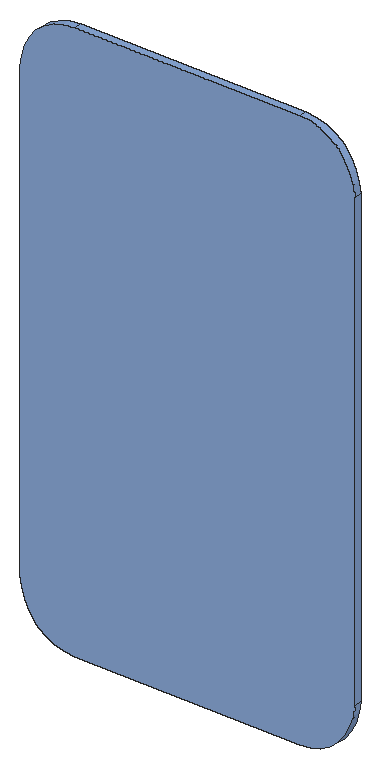
Revit family "Haworth_BuzziBracks_Pinboard_BUILD", category Furniture, Revit 2018
Family settings
  OmniClass Number = 23.40.20.00
  OmniClass Title = General Furniture and Specialties
  Work Plane-Based = No
  Always vertical = Yes
  Cut with Voids When Loaded = No
  Shared = No
  Room Calculation Point = No
Parameters (values of type "BRAP")
  Warranty = "http://www.haworth.com/resources/product-info/warranties"
  Upholstery Finish [instance] = Haworth _ Fabric _ Down 2 by Kvadrat _ 752 KV2-752
  URL - Product = "http://www.haworth.com/na/en/products/booths/buzzibracks.html"
  URL = "http://www.haworth.com/our-brands/haworth-collection"
  Top Radius = 3.500"  # constant formula
  Thickness = 1.750"  # constant formula
  Revision = "1"  # constant formula
  Note = "Verify Final Dim. w/ Haworth"  # constant formula
  Model = "HCBZ-BRAP"  # constant formula
  Manufacturer = "Haworth"  # constant formula
  Description = "Haworth - BuzziBracks - Pinboard"  # constant formula
  Author = "Haworth (Alias)"  # constant formula
  Assembly Code = "E2020200"
  Actual Width = 21.500"  # constant formula
  Actual Mounting Height = 40.157"  # constant formula
  Actual Height = 36.250"  # constant formula
  Actual Depth = 0.475"  # constant formula
Reference planes (in)
  plane 1: z = 0
  plane 2 "Center Left/Right": x = 0
  plane 3 "Left": x = -10.75
  plane 4 "Right": x = 10.75
  plane 5 "Back": y = -2.60002
  plane 6 "Front": y = -3.07502
  plane 7 "Center FB": y = -2.83752
  plane 8 "Bottom Pinboard": z = 40.157
  plane 9 "Frame Outside Back": y = 0.54998
  plane 10 "Top": z = 76.407
Forms (in)
  Extrusion 1, solid, material "Haworth _ Fabric _ Down 2 by Kvadrat _ 752 KV2-752" <- "Upholstery Finish"
    sketch origin (0, -2.60002, 0) x (-1, 0, 0) y (0, 0, 1)
      loop
        line (7.25, 76.407) -> (-7.25, 76.407)
        arc (-7.25, 76.407) -> (-9.72487, 75.38187) -> (-10.75, 72.907) r 3.5
        line (-10.75, 72.907) -> (-10.75, 43.657)
        arc (-10.75, 43.657) -> (-9.72487, 41.18213) -> (-7.25, 40.157) r 3.5
        line (-7.25, 40.157) -> (7.25, 40.157)
        arc (7.25, 40.157) -> (9.72487, 41.18213) -> (10.75, 43.657) r 3.5
        line (10.75, 43.657) -> (10.75, 72.907)
        arc (10.75, 72.907) -> (9.72487, 75.38187) -> (7.25, 76.407) r 3.5
    from -0.475 to 0
Lines and regions (in)
  Masking region 1
    outline origin (0, 0, 40.157) x (-1, 0, 0) y (0, -1, 0)
      loop
        line (10.75, 2.60002) -> (10.75, 3.07502) -> (-10.75, 3.07502) -> (-10.75, 2.60002) -> (10.75, 2.60002)
Dimensions and locks (in)
  equal spacing: plane 3 "Left", plane 2 "Center Left/Right", plane 4 "Right"
  "Actual Width": plane 3 "Left" to plane 4 "Right"
  "Actual Depth": plane 6 "Front" to plane 5 "Back"
  equal spacing: plane 5 "Back", plane 7 "Center FB", plane 6 "Front"
  "Actual Mounting Height": plane 8 "Bottom Pinboard" to plane 1
  locked: plane 9 "Frame Outside Back" to plane 5 "Back" at 3.15
  "Actual Height": plane 10 "Top" to plane 8 "Bottom Pinboard"
  "Top Radius": radius of Extrusion 1 sketch curve  (x4)
  aligned and locked: plane 8 "Bottom Pinboard" to Extrusion 1 sketch curve
  aligned and locked: plane 4 "Right" to Extrusion 1 sketch curve
  aligned and locked: plane 3 "Left" to Extrusion 1 sketch curve
  aligned and locked: Extrusion 1 sketch curve to plane 10 "Top"
  aligned and locked: plane 6 "Front" to Extrusion 1
  aligned and locked: plane 5 "Back" to Extrusion 1
  aligned and locked: Masking region 1 sketch curve to plane 5 "Back"
  aligned and locked: Masking region 1 sketch curve to plane 6 "Front"
  aligned and locked: plane 4 "Right" to Masking region 1 sketch curve
  aligned and locked: plane 3 "Left" to Masking region 1 sketch curve
